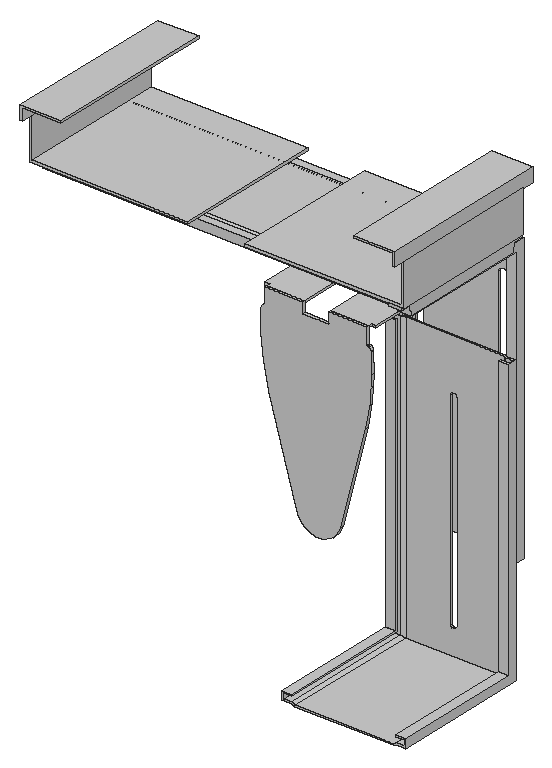
Revit family "CPU001", category Furniture, Revit 2019
Family settings
  OmniClass Number = 23.40.20.00
  OmniClass Title = General Furniture and Specialties
  Work Plane-Based = No
  Always vertical = Yes
  Cut with Voids When Loaded = No
  Shared = No
  Room Calculation Point = No
Parameters (values of type "CPU Holders Sliding CPU128")
  Width = 16.28"
  Unit = HMS - Aluminum
  URL = "https://www.thehumansolution.com/"
  Type Comments = "CPU Holders"  # constant formula
  Salvage or Reuse = yes
  Percentage of Recycled Content = 0
  Model = "CPU128"
  Material = ""
  Manufacturer = "Human Solution"  # constant formula
  Low Emitting Material = yes
  Low Emitting Finish = yes
  Keynote = "12500"
  Height = 28.00002"
  Description = "CPU Holders Sliding  16.5\"W 7.5\"D 28\"H"
  Depth = 7.98203"
  Assembly Code = "E2020200"
Reference planes (in)
  plane 1 "Center Front/Back": y = 0
  plane 2: z = 0
  plane 3 "Center Left/Right": x = 0
  plane 4: x = -13.0145
  plane 5: x = 3.2655
  plane 6: z = 28.00002
  plane 7: y = -7.98203
  plane 8: y = -4
Forms (in)
  Sweep 1, solid, material "HMS - Aluminum" <- "Unit"
    path origin (0, 0, 0) x (1, 0, 0) y (0, 1, 0)
      loop
        line (-12.8745, -3.12256) -> (2.70725, -3.12256)
    profile origin (-5.08362, -3.12256, 0) x (0, 1, 0) y (0, 0, 1)
      loop
        line (1.32641, 25.49804) -> (1.39641, 25.44304) -> (1.72641, 25.44304) -> (1.72641, 25.19304) -> (1.36391, 25.19304) -> (1.36391, 25.12704) -> (1.79241, 25.12704) -> (1.79241, 25.50904) -> (1.41923, 25.50904) -> (1.34923, 25.56404) -> (-3.15642, 25.56404) -> (-3.22642, 25.50904) -> (-3.59959, 25.50904) -> (-3.59959, 25.12704) -> (-3.17109, 25.12704) -> (-3.17109, 25.19304) -> (-3.53359, 25.19304) -> (-3.53359, 25.44304) -> (-3.20359, 25.44304) -> (-3.13359, 25.49804) -> (1.32641, 25.49804)
  Sweep 2, solid, material "HMS - Aluminum" <- "Unit"
    path origin (0, 0, 0) x (1, 0, 0) y (0, 1, 0)
      loop
        line (-6.1215, -0.77615) -> (-6.1215, -7.27615)
    profile origin (-6.1215, -4.02615, 0) x (1, 0, 0) y (0, 0, 1)
      loop
        line (0, 25.65704) -> (-6.8, 25.65704) -> (-6.8, 27.40004) -> (-6.893, 27.40004) -> (-6.893, 25.56404) -> (0, 25.56404) -> (0, 25.65704)
      loop
        line (9.294, 25.65704) -> (2.494, 25.65704) -> (2.494, 25.56404) -> (9.387, 25.56404) -> (9.387, 27.40004) -> (9.294, 27.40004) -> (9.294, 25.65704)
  Sweep 3, solid, material "HMS - Aluminum" <- "Unit"
    path origin (0, 0, 0) x (1, 0, 0) y (0, 1, 0)
      loop
        line (-11.2645, -0.27615) -> (-11.2645, -7.77615)
    profile origin (-11.2645, -4.02615, 0) x (1, 0, 0) y (0, 0, 1)
      loop
        line (-1.657, 27.90704) -> (0, 27.90704) -> (0, 28.00004) -> (-1.75, 28.00004) -> (-1.75, 27.40004) -> (-1.657, 27.40004) -> (-1.657, 27.90704)
      loop
        line (12.78, 27.90704) -> (14.437, 27.90704) -> (14.437, 27.40004) -> (14.53, 27.40004) -> (14.53, 28.00004) -> (12.78, 28.00004) -> (12.78, 27.90704)
  Sweep 4, solid, material "HMS - Aluminum" <- "Unit"
    path origin (0, 0, 0) x (0, 1, 0) y (0, 0, 1)
      loop
        line (-6.0523, 25.00854) -> (0, 25.00854) -> (0, 12.45624)
    profile origin (0, -3.02615, 25.00854) x (0, 0, 1) y (1, 0, 0)
      loop
        line (0, 2.14777) -> (-0.063, 2.29619) -> (-0.063, 2.70725) -> (-0.4246, 2.70725) -> (-0.4246, 2.2704) -> (-0.3626, 2.2704) -> (-0.3626, 2.64525) -> (-0.125, 2.64525) -> (-0.125, 2.28357) -> (-0.062, 2.13516) -> (-0.062, 2.0786) -> (0, 2.0786) -> (0, 2.14777)
      loop
        line (0, -2.14777) -> (0, -2.04307) -> (-0.062, -2.04307) -> (-0.062, -2.13516) -> (-0.125, -2.28357) -> (-0.125, -2.61425) -> (-0.3626, -2.61425) -> (-0.3626, -2.2394) -> (-0.4246, -2.2394) -> (-0.4246, -2.67625) -> (-0.063, -2.67625) -> (-0.063, -2.29619) -> (0, -2.14777)
  Sweep 5, solid, material "HMS - Aluminum" <- "Unit"
    path origin (0, 0, 0) x (0, 1, 0) y (0, 0, 1)
      loop
        line (-6.4639, 7.81064) -> (-0.4116, 7.81064) -> (-0.4116, 20.36294)
    profile origin (0, -3.43775, 7.81064) x (0, 0, 1) y (1, 0, 0)
      loop
        line (0.062, 2.16616) -> (0.125, 2.31457) -> (0.125, 2.64525) -> (0.3626, 2.64525) -> (0.3626, 2.2704) -> (0.4246, 2.2704) -> (0.4246, 2.70725) -> (0.063, 2.70725) -> (0.063, 2.32719) -> (0, 2.17877) -> (0, 2.0204) -> (0.062, 2.0204) -> (0.062, 2.16616)
      loop
        line (0.062, -2.10416) -> (0.062, -1.86197) -> (0, -1.86197) -> (0, -2.11677) -> (0.063, -2.26519) -> (0.063, -2.67625) -> (0.4246, -2.67625) -> (0.4246, -2.2394) -> (0.3626, -2.2394) -> (0.3626, -2.61425) -> (0.125, -2.61425) -> (0.125, -2.25257) -> (0.062, -2.10416)
  Extrusion 6, solid, material "HMS - Aluminum" <- "Unit"
    sketch origin (-2.04307, -6.0523, 24.94654) x (0, 1, 0) y (0, 0, 1)
      loop
        line (6.0523, 0.062) -> (0, 0.062) -> (0, 0) -> (6.0523, 0) -> (6.0523, 0.062)
    from 0 to 4.12167
  Sweep 7, solid, material "HMS - Aluminum" <- "Unit"
    path origin (0, 0, 0) x (0, 1, 0) y (0, 0, 1)
      loop
        line (0, 23.48329) -> (-0.062, 23.48329)
    profile origin (0, -0.031, 23.48329) x (0, 0, -1) y (1, 0, 0)
      loop
        line (11.02706, -2.04307) -> (11.02706, 2.0786) -> (-1.46324, 2.0786) -> (-1.46324, -2.04307) -> (11.02706, -2.04307)
      loop
        arc (0.188, -1.6115) -> (0, -1.7995) -> (0.188, -1.9875) r 0.188
        line (0.188, -1.9875) -> (9.0246, -1.9875)
        arc (9.0246, -1.9875) -> (9.2126, -1.7995) -> (9.0246, -1.6115) r 0.188
        line (9.0246, -1.6115) -> (0.188, -1.6115)
      loop
        arc (9.0246, 1.6425) -> (9.2126, 1.8305) -> (9.0246, 2.0185) r 0.188
        line (9.0246, 2.0185) -> (0.188, 2.0185)
        arc (0.188, 2.0185) -> (0, 1.8305) -> (0.188, 1.6425) r 0.188
        line (0.188, 1.6425) -> (9.0246, 1.6425)
  Sweep 8, solid, material "HMS - Aluminum" <- "Unit"
    path origin (0, 0, 0) x (0, 1, 0) y (0, 0, 1)
      loop
        line (-6.4639, 7.81064) -> (-0.4116, 7.81064)
    profile origin (0, -3.43775, 7.81064) x (0, 0, 1) y (1, 0, 0)
      loop
        line (0.062, 2.0204) -> (0, 2.0204) -> (0, -1.86197) -> (0.062, -1.86197) -> (0.062, 2.0204)
  Sweep 9, solid, material "HMS - Aluminum" <- "Unit"
    path origin (0, 0, 0) x (0, 1, 0) y (0, 0, 1)
      loop
        line (-0.4116, 8.62264) -> (-0.4746, 8.62264)
    profile origin (0, -0.4431, 8.62264) x (0, 0, -1) y (1, 0, 0)
      loop
        line (0.75, -1.86197) -> (0.75, 2.0204) -> (-11.7403, 2.0204) -> (-11.7403, -1.86197) -> (0.75, -1.86197)
      loop
        arc (-9.3963, 0.1565) -> (-9.5373, 0.0155) -> (-9.3963, -0.1255) r 0.141
        line (-9.3963, -0.1255) -> (-0.4657, -0.1255)
        arc (-0.4657, -0.1255) -> (-0.3247, 0.0155) -> (-0.4657, 0.1565) r 0.141
        line (-0.4657, 0.1565) -> (-9.3963, 0.1565)
  Sweep 10, solid, material "HMS - Aluminum" <- "Unit"
    path origin (0, 0.35931, 0.13993) x (0, 0.999849, 0.017387) y (0, -0.017387, 0.999849)
      loop
        line (-7.81811, 20.74899) -> (-7.91113, 20.74899)
    profile origin (0, -7.86488, 20.74904) x (0, 0.017387, -0.999849) y (1, 0, 0)
      loop
        line (0.00162, -2.09493) -> (4.27233, -0.95043)
        spline (4.27233, -0.95043) -> (4.47523, -0.87151) -> (4.65624, -0.75054) -> (4.80678, -0.59326) -> (4.91972, -0.40712) -> (4.9897, -0.20094) -> (5.0134, 0.0155) -> (4.9897, 0.23194) -> (4.91972, 0.43812) -> (4.80678, 0.62426) -> (4.65624, 0.78154) -> (4.47523, 0.90251) -> (4.27233, 0.98143)
        line (4.27233, 0.98143) -> (0.00162, 2.12593)
        spline (0.00162, 2.12593) -> (-0.18104, 2.17276) -> (-0.36469, 2.21558) -> (-0.54922, 2.25439) -> (-0.73456, 2.28916) -> (-0.92061, 2.31989) -> (-1.10729, 2.34654) -> (-1.2945, 2.36912) -> (-1.48216, 2.3876) -> (-1.67018, 2.40199) -> (-1.85847, 2.41227) -> (-2.04694, 2.41844) -> (-2.2355, 2.4205)
        line (-2.2355, 2.4205) -> (-3.12465, 2.4205)
        spline (-3.12465, 2.4205) -> (-3.15071, 2.41895) -> (-3.1764, 2.41433) -> (-3.20136, 2.40669) -> (-3.22524, 2.39615) -> (-3.24771, 2.38286) -> (-3.26844, 2.36699) -> (-3.28714, 2.34879) -> (-3.30356, 2.32849) -> (-3.31746, 2.30639) -> (-3.32865, 2.28281) -> (-3.33696, 2.25806) -> (-3.34228, 2.2325)
        line (-3.34228, 2.2325) -> (-4.06225, 2.2325) -> (-4.06225, 0.578) -> (-3.59163, 0.578) -> (-3.59163, -0.547) -> (-4.06225, -0.547) -> (-4.06225, -2.2015) -> (-3.34228, -2.2015)
        spline (-3.34228, -2.2015) -> (-3.33696, -2.22706) -> (-3.32865, -2.25181) -> (-3.31746, -2.27539) -> (-3.30356, -2.29749) -> (-3.28714, -2.31779) -> (-3.26844, -2.33599) -> (-3.24771, -2.35186) -> (-3.22524, -2.36515) -> (-3.20136, -2.37569) -> (-3.1764, -2.38333) -> (-3.15071, -2.38795) -> (-3.12465, -2.3895)
        line (-3.12465, -2.3895) -> (-2.2355, -2.3895)
        spline (-2.2355, -2.3895) -> (-2.04694, -2.38744) -> (-1.85847, -2.38127) -> (-1.67018, -2.37099) -> (-1.48216, -2.3566) -> (-1.2945, -2.33812) -> (-1.10729, -2.31554) -> (-0.92061, -2.28889) -> (-0.73456, -2.25816) -> (-0.54922, -2.22339) -> (-0.36469, -2.18458) -> (-0.18104, -2.14176) -> (0.00162, -2.09493)
  Sweep 11, solid, material "HMS - Aluminum" <- "Unit"
    path origin (0, 0, 0) x (1, 0, 0) y (0, 1, 0)
      loop
        line (2.5155, -3.65115) -> (-2.4845, -3.65115)
    profile origin (0.0155, -3.65115, 0) x (0, -1, 0) y (0, 0, 1)
      loop
        line (-1.657, 25.17654) -> (-1.657, 25.36454) -> (-2.15625, 25.36454) -> (-2.15625, 25.27154) -> (-1.75, 25.27154) -> (-1.75, 25.08354) -> (0.375, 25.08354) -> (2.5, 25.08354) -> (2.5, 25.27154) -> (2.90625, 25.27154) -> (2.90625, 25.36454) -> (2.407, 25.36454) -> (2.407, 25.17654) -> (0.31396, 25.17654) -> (-1.657, 25.17654)
  Sweep 12, solid, material "HMS - Aluminum" <- "Unit"
    path origin (0, 0, 0) x (0, 1, 0) y (0, 0, 1)
      loop
        line (-6.90293, 24.71824) -> (-6.90293, 24.81124)
    profile origin (0, -6.90293, 24.76474) x (0, -1, 0) y (1, 0, 0)
      loop
        line (0.83267, -2.3895) -> (0.83267, -2.2015) -> (0.98844, -2.2015) -> (0.98844, -0.547) -> (-1.90293, -0.547) -> (-1.90293, -1.06) -> (-2.34181, -1.06)
        arc (-2.34181, -1.06) -> (-2.43569, -0.96612) -> (-2.34181, -0.87225) r 0.09388
        line (-2.34181, -0.87225) -> (-2.20668, -0.87225) -> (-2.20668, -0.547) -> (-2.84093, -0.547) -> (-2.84093, -2.2015) -> (-2.44668, -2.2015) -> (-2.44668, -2.3895) -> (0.83267, -2.3895)
      loop
        line (0.83267, 2.4205) -> (-2.44668, 2.4205) -> (-2.44668, 2.2325) -> (-2.84093, 2.2325) -> (-2.84093, 0.578) -> (-2.20668, 0.578) -> (-2.20668, 0.90325) -> (-2.34181, 0.90325)
        arc (-2.34181, 0.90325) -> (-2.43569, 0.99713) -> (-2.34181, 1.091) r 0.09388
        line (-2.34181, 1.091) -> (-1.90293, 1.091) -> (-1.90293, 0.578) -> (0.98844, 0.578) -> (0.98844, 2.2325) -> (0.83267, 2.2325) -> (0.83267, 2.4205)
  Sweep 13, solid, material "HMS - Aluminum" <- "Unit"
    path origin (0, 0, 0) x (0, 1, 0) y (0, 0, 1)
      loop
        line (-4.38, 24.32824) -> (-4.38, 24.23524)
    profile origin (0, -4.38, 24.28174) x (1, 0, 0) y (0, 1, 0)
      loop
        line (-2.2015, -0.225) -> (2.2325, -0.225) -> (2.2325, 0.225) -> (0.1455, 0.225) -> (0.1455, 0.155)
        arc (0.1455, 0.155) -> (0.0155, 0.025) -> (-0.1145, 0.155) r 0.13
        line (-0.1145, 0.155) -> (-0.1145, 0.225) -> (-2.2015, 0.225) -> (-2.2015, -0.225)
  Sweep 14, solid, material "HMS - Aluminum" <- "Unit"
    path origin (0, 0, 0) x (0, 1, 0) y (0, 0, 1)
      loop
        line (-4.062, 24.41842) -> (-4.155, 24.41842)
    profile origin (0, -4.1085, 24.41842) x (0, 0, -1) y (1, 0, 0)
      loop
        line (-0.14282, -0.1145) -> (-0.14282, -0.547) -> (-0.29982, -0.547) -> (-0.29982, -2.2015) -> (0.18318, -2.2015) -> (0.18318, -0.1145) -> (-0.14282, -0.1145)
      loop
        line (-0.14282, 0.578) -> (-0.14282, 0.1455) -> (0.18318, 0.1455) -> (0.18318, 2.2325) -> (-0.29982, 2.2325) -> (-0.29982, 0.578) -> (-0.14282, 0.578)
  Extrusion 15, solid, material "HMS - Aluminum" <- "Unit"
    sketch origin (-2.14075, -4.27615, 25.08354) x (1, 0, 0) y (0, 0, 1)
      loop
        line (0, 0.093) -> (0, 0.343) -> (-0.093, 0.343) -> (-0.093, 0.093)
        arc (-0.093, 0.093) -> (-0.06576, 0.02724) -> (0, 0) r 0.093
        line (0, 0) -> (0, 0.093)
      loop
        line (4.4055, 0) -> (4.4055, 0.343) -> (4.3125, 0.343) -> (4.3125, 0.093) -> (4.3125, 0) -> (4.4055, 0)
    from -0.5 to 0
  Extrusion 16, solid, material "HMS - Aluminum" <- "Unit"
    sketch origin (0, 0, 0) x (0, 1, 0) y (0, 0, 1)
      loop
        line (-7.30356, 25.45404) -> (-6.83865, 25.45404) -> (-6.82503, 25.06404) -> (-6.30615, 25.06404) -> (-6.30615, 25.12704) -> (-6.76119, 25.12704) -> (-6.77645, 25.56404) -> (-7.3074, 25.56404) -> (-7.30356, 25.45404)
    from 2.64525 to 3.1934
  Sweep 17, solid, material "HMS - Aluminum" <- "Unit"
    path origin (0, 0, 0) x (1, 0, 0) y (0, 0, 1)
      loop
        line (3.1934, 25.56404) -> (2.64525, 25.56404)
    profile origin (2.91932, 0, 25.56404) x (0, 0, -1) y (0, -1, 0)
      loop
        line (0.11, 6.83865) -> (0.11, 7.30356) -> (0, 7.3074) -> (0, 6.77645) -> (0.437, 6.76119) -> (0.437, 6.30615) -> (0.5, 6.30615) -> (0.5, 6.82503) -> (0.11, 6.83865)
      loop
        line (0.11, 1.21365) -> (0.5, 1.22727) -> (0.5, 1.74615) -> (0.437, 1.74615) -> (0.437, 1.29111) -> (0, 1.27585) -> (0, 0.7449) -> (0.11, 0.74874) -> (0.11, 1.21365)
  Sweep 18, solid, material "HMS - Aluminum" <- "Unit"
    path origin (0, 0, 0) x (1, 0, 0) y (0, 0, 1)
      loop
        line (3.1934, 25.56404) -> (3.12446, 25.56404)
    profile origin (3.15893, 0, 25.56404) x (0, 0, -1) y (0, -1, 0)
      loop
        line (0.437, 1.29111) -> (0.437, 6.76119) -> (0, 6.77645) -> (0, 1.27585) -> (0.437, 1.29111)
  Extrusion 19, solid, material "HMS - Aluminum" <- "Unit"
    sketch origin (0, 0, 0) x (1, 0, 0) y (0, 0, 1)
      loop
        line (3.1934, 25.12704) -> (2.8755, 25.12704) -> (2.8755, 25.06404) -> (3.1934, 25.06404) -> (3.1934, 25.12704)
    from 1.74615 to 6.30615
  Revolve 20, solid, material "HMS - Aluminum" <- "Unit"
    sketch origin (0, -4.02344, 0) x (1, 0, 0) y (0, 0, 1)
      loop
        line (2.61048, 25.49404) -> (2.6255, 25.06404) -> (2.87438, 25.06404) -> (2.87438, 25.49404) -> (2.61048, 25.49404)
      axis (2.87438, 25.06404) -> (2.87438, 25.49404)
    angle from 0 to 360
  Revolve 21, solid, material "HMS - Aluminum" <- "Unit"
    sketch origin (0, -4.02734, 0) x (1, 0, 0) y (0, 0, 1)
      loop
        line (-12.9995, 25.49804) -> (-12.89902, 25.12304) -> (-12.62326, 25.12304) -> (-12.62326, 25.49804) -> (-12.9995, 25.49804)
      axis (-12.62326, 25.12304) -> (-12.62326, 25.49804)
    angle from 0 to 360
Cuts and joins
  joined: Sweep 4, Extrusion 6, Sweep 7
  joined: Sweep 5, Sweep 8, Sweep 9
  joined: Sweep 12, Sweep 13, Sweep 14
  joined: Extrusion 16, Sweep 17, Sweep 18, Extrusion 19
Lines and regions (in)
  symbolic lines
    curve 1: line (-13.0145, -0.27615, 0) -> (-13.0145, -7.77615, 0)
    curve 2: line (-13.0145, -7.77615, 0) -> (-11.2645, -7.77615, 0)
    curve 3: line (-11.2645, -7.77615, 0) -> (-11.2645, -0.27615, 0)
    curve 4: line (-11.2645, -0.27615, 0) -> (-13.0145, -0.27615, 0)
    curve 5: line (-11.2645, -7.27615, 0) -> (-6.1215, -7.27615, 0)
    curve 6: line (-6.1215, -7.27615, 0) -> (-6.1215, -0.77615, 0)
    curve 7: line (-6.1215, -0.77615, 0) -> (-11.2645, -0.77615, 0)
    curve 8: line (-6.1215, -1.33015, 0) -> (-3.6275, -1.33015, 0)
    curve 9: line (-3.6275, -1.33015, 0) -> (-3.6275, -0.77615, 0)
    curve 10: line (-3.6275, -0.77615, 0) -> (-2.67625, -0.77615, 0)
    curve 11: line (-2.67625, -0.77615, 0) -> (-2.67625, -0.063, 0)
    curve 12: line (-2.67625, -0.063, 0) -> (-2.29619, -0.063, 0)
    curve 13: line (-2.29619, -0.063, 0) -> (-2.14777, 0, 0)
    curve 14: line (-2.14777, 0, 0) -> (2.14777, 0, 0)
    curve 15: line (2.14777, 0, 0) -> (2.29619, -0.063, 0)
    curve 16: line (2.29619, -0.063, 0) -> (2.70725, -0.063, 0)
    curve 17: line (2.70725, -0.063, 0) -> (2.70725, -0.27615, 0)
    curve 18: line (2.70725, -0.27615, 0) -> (3.2655, -0.27615, 0)
    curve 19: line (3.2655, -0.27615, 0) -> (3.2655, -7.77615, 0)
    curve 20: line (3.2655, -7.77615, 0) -> (2.2325, -7.77615, 0)
    curve 21: line (2.2325, -7.77615, 0) -> (2.2325, -7.81348, 0)
    curve 22: line (2.2325, -7.81348, 0) -> (2.4205, -7.85725, 0)
    curve 23: line (2.4205, -7.85725, 0) -> (2.4205, -7.98203, 0)
    curve 24: line (2.4205, -7.98203, 0) -> (-2.20294, -7.98203, 0)
    curve 25: line (-2.20294, -7.98203, 0) -> (-2.3895, -7.96571, 0)
    curve 26: line (-2.3895, -7.96571, 0) -> (-2.3895, -7.86637, 0)
    curve 27: line (-2.3895, -7.86637, 0) -> (-2.2015, -7.82297, 0)
    curve 28: line (-2.2015, -7.82297, 0) -> (-2.2015, -7.7356, 0)
    curve 29: line (-2.2015, -7.7356, 0) -> (-2.3895, -7.7356, 0)
    curve 30: line (-2.3895, -7.7356, 0) -> (-2.3895, -7.27615, 0)
    curve 31: line (-2.3895, -7.27615, 0) -> (-3.6275, -7.27615, 0)
    curve 32: line (-3.6275, -7.27615, 0) -> (-3.6275, -6.72215, 0)
    curve 33: line (-3.6275, -6.72215, 0) -> (-6.1215, -6.72215, 0)
    curve 34: line (-6.1215, -7.27615, 0) -> (-11.2645, -7.27615, 0)
    curve 35: line (-3.6275, -1.33015, 0) -> (-3.6275, -6.72215, 0)
    curve 36: line (2.70725, -0.27615, 0) -> (1.5155, -0.27615, 0)
    curve 37: line (1.5155, -0.27615, 0) -> (1.5155, -7.77615, 0)
    curve 38: line (1.5155, -7.77615, 0) -> (2.2325, -7.77615, 0)
    curve 39: line (-2.3895, -7.27615, 0) -> (1.5155, -7.27615, 0)
    curve 40: line (-2.67625, -0.77615, 0) -> (1.5155, -0.77615, 0)
Dimensions and locks (in)
  "Width": plane 4 to plane 5
  "Height": plane 6 to plane 2
  "Depth": plane 7 to plane 1 "Center Front/Back"
  locked: Sweep 1 sketch curve to plane 8 at 0.87744
  locked: Sweep 2 sketch curve to plane 3 "Center Left/Right" at 6.1215
  locked: plane 4 to Sweep 3 sketch curve at 1.75
  plane 6 to Sweep 4 sketch curve to Sweep 4 sketch curve = 2.99148" locked, 12.5523" locked
  locked: Sweep 5 sketch curve to plane 2 at 7.81064
  Sweep 7 sketch curve to plane 1 "Center Front/Back" to Sweep 7 sketch curve = 0" locked, 0.062" locked
  Sweep 8 sketch curve to Sweep 8 sketch curve to plane 1 "Center Front/Back" = 6.0523" locked, 0.4116" locked
  Sweep 9 sketch curve to Sweep 9 sketch curve to plane 1 "Center Front/Back" = 0.063" locked, 0.4116" locked
  equal spacing: Sweep 10 sketch curve, Sweep 10 sketch curve, plane 7
  locked: Sweep 11 sketch curve to plane 8 at 0.34885
  plane 7 to Sweep 10 sketch curve to Sweep 10 sketch curve = 0.07065" locked, 0.093" locked
  Sweep 12 sketch curve to Sweep 12 sketch curve to plane 6 = 0.093" locked, 3.18878" locked
  Sweep 13 sketch curve to Sweep 13 sketch curve to plane 6 = 0.093" locked, 3.67178" locked
  Sweep 14 sketch curve to Sweep 14 sketch curve to plane 8 = 0.093" locked, 0.062" locked
  plane 5 to Sweep 17 sketch curve to Sweep 17 sketch curve = 0.0721" locked, 0.54815" locked
  plane 5 to Sweep 18 sketch curve to Sweep 18 sketch curve = 0.0721" locked, 0.06894" locked
  plane 6 to Revolve 20 sketch curve to Revolve 20 sketch curve = 2.50598" locked, 0.43" locked
  plane 6 to Revolve 21 sketch curve to Revolve 21 sketch curve = 2.50198" locked, 0.375" locked
  aligned and locked: level to plane 2
  aligned and locked: Extrusion 6 to Sweep 4  (x2)
Automatic sketch dimensions
  plane 4 to Sweep 1 sketch curve = 0.14"
  Sweep 1 sketch curve to plane 5 = 0.55825"
  profile plane to Sweep 1 sketch curve = 3.59959"
  Sweep 1 sketch curve to Sweep 1 sketch curve = 0.066"  (x7)
  Sweep 1 sketch curve to Sweep 1 sketch curve = 0.30717"  (x2)
  Sweep 1 sketch curve to Sweep 1 sketch curve = 0.02283"  (x4)
  Sweep 1 sketch curve to Sweep 1 sketch curve = 0.0325"
  Sweep 1 sketch curve to Sweep 1 sketch curve = 0.07"  (x2)
  Sweep 1 sketch curve to profile plane = 1.32641"
  Sweep 1 sketch curve to Sweep 1 sketch curve = 0.0375"
  level to Sweep 1 sketch curve = 25.12704"
  Sweep 1 sketch curve to Sweep 1 sketch curve = 0"
  Sweep 1 sketch curve to Sweep 1 sketch curve = 0.25"  (x2)
  Sweep 1 sketch curve to Sweep 1 sketch curve = 0.055"
  plane 7 to Sweep 2 sketch curve = 0.70588"
  plane 1 "Center Front/Back" to Sweep 2 sketch curve = 0.77615"
  profile plane to Sweep 2 sketch curve = 0"
  profile plane to Sweep 2 sketch curve = 6.8"
  Sweep 2 sketch curve to Sweep 2 sketch curve = 0.093"  (x4)
  Sweep 2 sketch curve to profile plane = 2.494"
  Sweep 2 sketch curve to Sweep 2 sketch curve = 6.8"
  level to Sweep 2 sketch curve = 25.56404"
  Sweep 2 sketch curve to Sweep 2 sketch curve = 0"
  Sweep 2 sketch curve to Sweep 2 sketch curve = 1.743"  (x2)
  plane 7 to Sweep 3 sketch curve = 0.20588"
  plane 1 "Center Front/Back" to Sweep 3 sketch curve = 0.27615"
  profile plane to Sweep 3 sketch curve = 0"
  profile plane to Sweep 3 sketch curve = 1.657"
  Sweep 3 sketch curve to Sweep 3 sketch curve = 0.093"  (x4)
  Sweep 3 sketch curve to profile plane = 12.78"
  Sweep 3 sketch curve to Sweep 3 sketch curve = 1.657"
  level to Sweep 3 sketch curve = 27.40004"
  Sweep 3 sketch curve to Sweep 3 sketch curve = 0"
  Sweep 3 sketch curve to Sweep 3 sketch curve = 0.507"  (x2)
  Sweep 4 sketch curve to plane 1 "Center Front/Back" = 0"
  plane 7 to Sweep 4 sketch curve = 1.92973"
  Sweep 4 sketch curve to profile plane = 0"  (x2)
  profile plane to Sweep 4 sketch curve = 0.062"  (x2)
  profile plane to Sweep 4 sketch curve = 0.063"  (x2)
  Sweep 4 sketch curve to Sweep 4 sketch curve = 0.062"  (x6)
  Sweep 4 sketch curve to Sweep 4 sketch curve = 0.2376"  (x2)
  Sweep 4 sketch curve to plane 3 "Center Left/Right" = 2.67625"
  Sweep 4 sketch curve to Sweep 4 sketch curve = 0.31806"
  Sweep 4 sketch curve to Sweep 4 sketch curve = 0.01261"  (x4)
  Sweep 4 sketch curve to Sweep 4 sketch curve = 0.04417"
  Sweep 4 sketch curve to Sweep 4 sketch curve = 0.14842"  (x2)
  Sweep 4 sketch curve to Sweep 4 sketch curve = 0.1047"
  plane 3 "Center Left/Right" to Sweep 4 sketch curve = 2.0786"
  Sweep 4 sketch curve to Sweep 4 sketch curve = 0.05655"
  Sweep 4 sketch curve to Sweep 4 sketch curve = 0.13524"
  Sweep 4 sketch curve to Sweep 4 sketch curve = 0.34906"
  plane 1 "Center Front/Back" to Sweep 5 sketch curve = 0.4116"
  plane 7 to Sweep 5 sketch curve = 1.51813"
  Sweep 5 sketch curve to plane 6 = 7.63708"
  Sweep 5 sketch curve to profile plane = 0"  (x2)
  Sweep 5 sketch curve to profile plane = 0.062"  (x2)
  Sweep 5 sketch curve to profile plane = 0.063"  (x2)
  Sweep 5 sketch curve to Sweep 5 sketch curve = 0.062"  (x6)
  Sweep 5 sketch curve to Sweep 5 sketch curve = 0.2376"  (x2)
  Sweep 5 sketch curve to plane 3 "Center Left/Right" = 2.67625"
  Sweep 5 sketch curve to Sweep 5 sketch curve = 0.34906"
  Sweep 5 sketch curve to Sweep 5 sketch curve = 0.01261"  (x4)
  Sweep 5 sketch curve to Sweep 5 sketch curve = 0.01317"
  Sweep 5 sketch curve to Sweep 5 sketch curve = 0.14842"  (x2)
  Sweep 5 sketch curve to Sweep 5 sketch curve = 0.24219"
  plane 3 "Center Left/Right" to Sweep 5 sketch curve = 2.0204"
  Sweep 5 sketch curve to Sweep 5 sketch curve = 0.14576"
  Sweep 5 sketch curve to Sweep 5 sketch curve = 0.10424"
  Sweep 5 sketch curve to Sweep 5 sketch curve = 0.37485"
  Extrusion 6 sketch curve to Sweep 4 = 0"  (x3)
  Sweep 4 to Extrusion 6 sketch curve = 0"
  Sweep 7 sketch curve to plane 6 = 4.51672"
  profile plane to Sweep 7 sketch curve = 1.46324"
  Sweep 7 sketch curve to profile plane = 0.188"  (x2)
  Sweep 7 sketch curve to plane 3 "Center Left/Right" = 1.9875"
  Sweep 7 sketch curve to Sweep 7 sketch curve = 8.8366"
  plane 3 "Center Left/Right" to Sweep 7 sketch curve = 1.6425"
  Sweep 7 sketch curve to Sweep 7 sketch curve = 0"
  Sweep 7 sketch curve to Sweep 7 sketch curve = 2.00246"
  Sweep 7 sketch curve to Sweep 7 sketch curve = 0.05557"
  Sweep 7 sketch curve to Sweep 7 sketch curve = 0.188"  (x2)
  Sweep 7 sketch curve to Sweep 7 sketch curve = 0.0601"
  level to Sweep 8 sketch curve = 7.81064"
  Sweep 8 sketch curve to profile plane = 0"
  Sweep 8 sketch curve to Sweep 8 sketch curve = 0.062"
  Sweep 8 sketch curve to plane 3 "Center Left/Right" = 1.86197"
  plane 3 "Center Left/Right" to Sweep 8 sketch curve = 2.0204"
  level to Sweep 9 sketch curve = 8.62264"
  Sweep 9 sketch curve to plane 3 "Center Left/Right" = 1.86197"
  profile plane to Sweep 9 sketch curve = 11.7403"
  Sweep 9 sketch curve to plane 3 "Center Left/Right" = 0.1255"
  Sweep 9 sketch curve to Sweep 9 sketch curve = 2.344"
  plane 3 "Center Left/Right" to Sweep 9 sketch curve = 0.1565"
  profile plane to Sweep 9 sketch curve = 0.4657"
  Sweep 9 sketch curve to profile plane = 0.75"
  plane 3 "Center Left/Right" to Sweep 9 sketch curve = 2.0204"
  Sweep 10 sketch curve to plane 6 = 7.25179"
  plane 3 "Center Left/Right" to Sweep 10 sketch curve = 0.578"
  profile plane to Sweep 10 sketch curve = 4.06225"
  Sweep 10 sketch curve to Sweep 10 sketch curve = 0"  (x2)
  Sweep 10 sketch curve to Sweep 10 sketch curve = 0.47062"
  Sweep 10 sketch curve to Sweep 10 sketch curve = 0.71997"  (x2)
  Sweep 10 sketch curve to Sweep 10 sketch curve = 0.21763"  (x2)
  Sweep 10 sketch curve to Sweep 10 sketch curve = 0.88916"  (x2)
  Sweep 10 sketch curve to profile plane = 0.00162"  (x2)
  Sweep 10 sketch curve to plane 3 "Center Left/Right" = 0.95043"
  Sweep 10 sketch curve to profile plane = 4.27233"
  plane 3 "Center Left/Right" to Sweep 10 sketch curve = 0.98143"
  Sweep 10 sketch curve to plane 3 "Center Left/Right" = 2.09493"
  Sweep 10 sketch curve to plane 3 "Center Left/Right" = 2.2015"
  Sweep 10 sketch curve to Sweep 10 sketch curve = 0.188"  (x2)
  Sweep 10 sketch curve to plane 3 "Center Left/Right" = 0.547"
  plane 3 "Center Left/Right" to Sweep 10 sketch curve = 2.12593"
  Sweep 10 sketch curve to Sweep 10 sketch curve = 1.6545"
  Sweep 10 sketch curve to Sweep 10 sketch curve = 0.25878"
  Sweep 10 sketch curve to Sweep 10 sketch curve = 0.252"
  Sweep 10 sketch curve to Sweep 10 sketch curve = 3.83489"  (x2)
  Sweep 10 sketch curve to Sweep 10 sketch curve = 0.03407"
  Sweep 10 sketch curve to Sweep 10 sketch curve = 0.032"
  Sweep 11 sketch curve to plane 3 "Center Left/Right" = 2.4845"
  Sweep 11 sketch curve to plane 5 = 0.75"
  profile plane to Sweep 11 sketch curve = 2.15625"
  Sweep 11 sketch curve to Sweep 11 sketch curve = 0.40625"  (x2)
  Sweep 11 sketch curve to Sweep 11 sketch curve = 0.093"  (x5)
  Sweep 11 sketch curve to profile plane = 0.31396"
  Sweep 11 sketch curve to Sweep 11 sketch curve = 0.06104"
  Sweep 11 sketch curve to Sweep 11 sketch curve = 2.032"
  level to Sweep 11 sketch curve = 25.08354"
  Sweep 11 sketch curve to Sweep 11 sketch curve = 0.095"  (x2)
  plane 7 to Sweep 12 sketch curve = 1.07911"
  profile plane to Sweep 12 sketch curve = 2.84093"
  Sweep 12 sketch curve to plane 3 "Center Left/Right" = 0.547"
  Sweep 12 sketch curve to Sweep 12 sketch curve = 0"  (x2)
  Sweep 12 sketch curve to Sweep 12 sketch curve = 0.39425"  (x2)
  Sweep 12 sketch curve to Sweep 12 sketch curve = 0.49912"  (x2)
  Sweep 12 sketch curve to Sweep 12 sketch curve = 0.13513"  (x2)
  Sweep 12 sketch curve to Sweep 12 sketch curve = 0.30375"  (x2)
  Sweep 12 sketch curve to profile plane = 0.83267"  (x2)
  Sweep 12 sketch curve to profile plane = 0.98844"
  Sweep 12 sketch curve to Sweep 12 sketch curve = 0.15577"
  Sweep 12 sketch curve to Sweep 12 sketch curve = 0.32525"  (x2)
  Sweep 12 sketch curve to Sweep 12 sketch curve = 0.09387"  (x2)
  Sweep 12 sketch curve to Sweep 12 sketch curve = 1.1415"  (x2)
  Sweep 12 sketch curve to plane 3 "Center Left/Right" = 2.2015"
  Sweep 12 sketch curve to Sweep 12 sketch curve = 0.188"  (x2)
  plane 3 "Center Left/Right" to Sweep 12 sketch curve = 0.578"  (x2)
  Sweep 12 sketch curve to Sweep 12 sketch curve = 1.6545"
  Sweep 13 sketch curve to plane 8 = 0.38"
  profile plane to Sweep 13 sketch curve = 0.225"
  Sweep 13 sketch curve to plane 3 "Center Left/Right" = 2.2015"
  Sweep 13 sketch curve to plane 3 "Center Left/Right" = 0.1145"
  plane 3 "Center Left/Right" to Sweep 13 sketch curve = 0.0155"
  Sweep 13 sketch curve to Sweep 13 sketch curve = 2.087"
  Sweep 13 sketch curve to profile plane = 0.155"
  Sweep 13 sketch curve to Sweep 13 sketch curve = 0.07"  (x2)
  Sweep 14 sketch curve to plane 6 = 3.5816"
  profile plane to Sweep 14 sketch curve = 0.29982"  (x2)
  profile plane to Sweep 14 sketch curve = 0.14282"  (x2)
  Sweep 14 sketch curve to profile plane = 0.18318"  (x2)
  Sweep 14 sketch curve to plane 3 "Center Left/Right" = 2.2015"
  Sweep 14 sketch curve to plane 3 "Center Left/Right" = 0.547"
  Sweep 14 sketch curve to plane 3 "Center Left/Right" = 0.1145"
  plane 3 "Center Left/Right" to Sweep 14 sketch curve = 0.1455"
  Sweep 14 sketch curve to Sweep 14 sketch curve = 0.4325"
  Sweep 14 sketch curve to Sweep 14 sketch curve = 1.6545"
  Extrusion 15 sketch curve to Extrusion 15 sketch curve = 4.3125"
  Extrusion 15 sketch curve to Extrusion 15 sketch curve = 0.093"  (x3)
  Extrusion 15 sketch curve to Extrusion 15 sketch curve = 0"
  plane 7 to Extrusion 16 sketch curve = 0.67463"
  Extrusion 16 sketch curve to Extrusion 16 sketch curve = 0.00384"
  Extrusion 16 sketch curve to Extrusion 16 sketch curve = 0.46491"
  Extrusion 16 sketch curve to Extrusion 16 sketch curve = 0.01362"
  Extrusion 16 sketch curve to Extrusion 16 sketch curve = 0.0622"
  Extrusion 16 sketch curve to Extrusion 16 sketch curve = 0.06384"
  Extrusion 16 sketch curve to Extrusion 16 sketch curve = 0.45504"
  Extrusion 16 sketch curve to plane 6 = 2.93598"
  Extrusion 16 sketch curve to Extrusion 16 sketch curve = 0.063"
  Extrusion 16 sketch curve to Extrusion 16 sketch curve = 0.327"
  Extrusion 16 sketch curve to Extrusion 16 sketch curve = 0.11"
  Sweep 17 sketch curve to plane 6 = 2.43598"
  Sweep 17 sketch curve to profile plane = 0"  (x2)
  Sweep 17 sketch curve to profile plane = 0.11"  (x2)
  Sweep 17 sketch curve to profile plane = 0.437"  (x2)
  Sweep 17 sketch curve to Sweep 17 sketch curve = 0.063"  (x2)
  plane 1 "Center Front/Back" to Sweep 17 sketch curve = 0.7449"
  Sweep 17 sketch curve to Sweep 17 sketch curve = 0.00384"  (x2)
  Sweep 17 sketch curve to Sweep 17 sketch curve = 0.46491"  (x2)
  Sweep 17 sketch curve to Sweep 17 sketch curve = 0.01362"
  Sweep 17 sketch curve to Sweep 17 sketch curve = 0.0622"  (x2)
  Sweep 17 sketch curve to Sweep 17 sketch curve = 0.06384"  (x2)
  Sweep 17 sketch curve to Sweep 17 sketch curve = 0.45504"  (x2)
  Sweep 17 sketch curve to Sweep 17 sketch curve = 4.56"
  Sweep 17 sketch curve to Sweep 17 sketch curve = 0.01526"
  Sweep 18 sketch curve to plane 6 = 2.43598"
  Sweep 18 sketch curve to profile plane = 0.437"
  plane 1 "Center Front/Back" to Sweep 18 sketch curve = 1.29111"
  Sweep 18 sketch curve to Sweep 18 sketch curve = 0.01526"  (x2)
  Sweep 18 sketch curve to Sweep 18 sketch curve = 5.47008"
  Sweep 18 sketch curve to profile plane = 0"
  Extrusion 19 sketch curve to plane 5 = 0.0721"
  Extrusion 19 sketch curve to plane 6 = 2.93598"
  Extrusion 19 sketch curve to Extrusion 19 sketch curve = 0.3179"
  Extrusion 19 sketch curve to Extrusion 19 sketch curve = 0.063"
  Revolve 20 sketch curve to plane 5 = 0.65502"
  Revolve 20 sketch curve to Revolve 20 sketch curve = 0.01502"
  Revolve 20 sketch curve to Revolve 20 sketch curve = 0.24888"
  Revolve 20 sketch curve to Revolve 20 sketch curve = 0"
  Revolve 20 sketch curve to Revolve 20 sketch curve = 0.215"
  Revolve 20 sketch curve to Revolve 20 sketch curve = 0.10492"
  plane 4 to Revolve 21 sketch curve = 0.015"
  plane 4 to Revolve 21 sketch curve = 0.11548"
  Revolve 21 sketch curve to Revolve 21 sketch curve = 0.37624"
  Revolve 21 sketch curve to Revolve 21 sketch curve = 0"
  Revolve 21 sketch curve to Revolve 21 sketch curve = 0.16598"
  Revolve 21 sketch curve to Revolve 21 sketch curve = 0.066"
  Extrusion 15 sketch curve to plane 3 "Center Left/Right" = 2.23375"
  Extrusion 15 sketch curve to plane 6 = 2.91648"  (x2)
  Extrusion 15 sketch curve to Extrusion 15 sketch curve = 0.25"  (x2)
  curve 1 to plane 4 = 0"
  curve 25 to plane 7 = 0"
  plane 1 "Center Front/Back" to curve 13 = 0"
  curve 19 to plane 5 = 0"
  plane 1 "Center Front/Back" to curve 3 = 0.27615"
  plane 4 to curve 3 = 1.75"
  plane 1 "Center Front/Back" to curve 6 = 0.77615"
  curve 7 to curve 6 = 5.143"
  curve 33 to curve 33 = 2.494"
  curve 9 to curve 11 = 0.95125"
  curve 31 to curve 31 = 1.238"
  curve 26 to curve 29 = 0"
  plane 1 "Center Front/Back" to curve 12 = 0.063"
  curve 11 to curve 12 = 0.38006"
  curve 25 to curve 25 = 0.18656"
  plane 7 to curve 27 = 0.15906"
  curve 24 to curve 27 = 0.00144"
  curve 12 to curve 13 = 0.14842"
  plane 7 to curve 38 = 0.20588"
  plane 3 "Center Left/Right" to curve 38 = 1.5155"
  curve 36 to curve 15 = 0.63227"
  curve 37 to curve 38 = 0.717"
  plane 1 "Center Front/Back" to curve 15 = 0.063"
  curve 14 to curve 15 = 0.14842"
  curve 21 to curve 23 = 0.188"
  curve 15 to curve 17 = 0.41106"
  plane 7 to curve 25 = 0.01633"
  curve 25 to curve 27 = 0.09933"
  curve 23 to curve 23 = 0.12479"
  curve 22 to curve 20 = 0.03733"
  plane 7 to curve 1 = 0.20588"
  curve 27 to curve 28 = 0.08737"
  plane 7 to curve 5 = 0.70588"
  plane 7 to curve 32 = 0.70588"
  curve 31 to curve 32 = 0.554"
  curve 8 to curve 10 = 0.554"
  plane 1 "Center Front/Back" to curve 19 = 0.27615"
  curve 40 to curve 36 = 0.5"
